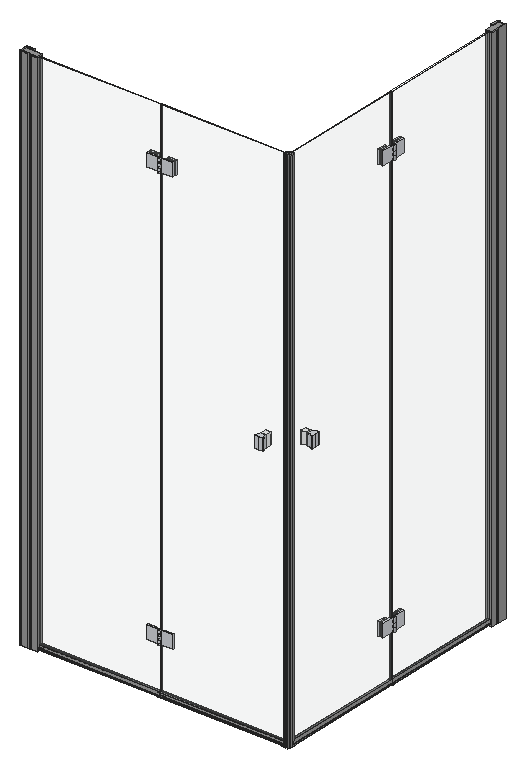
Revit family "Sanitary_Shower-screens_Duscholux_D2Swing_Slider-folding-doors-angle-acces-shower", category Aparatos sanitarios, Revit 2019
Family settings
  Cota de conector redondo = Diámetro de uso
  Tipo de pieza = Normal
  Número OmniClass = 23.45.00.00
  Título OmniClass = Sanitary, Laundry, and Cleaning Equipment
  Se basa en plano de trabajo = No
  Siempre vertical = Sí
  Corte con vacíos al cargar = No
  Compartido = No
  Punto de cálculo de habitación = No
Parameters (values of type "Shiny silver Aluminium Finish")
  Width Lateral Side = 1000 mm
  Width Front Side = 1000 mm
  URL = "http://www.duscholux.es/"
  Thickness Glass = 5 mm  # constant formula
  Technical Inspection Certificate (Applus) = "https://www.duscholux.es/es/Descargas/"
  Series = "D2"
  Ref. = "SXF / SXG"
  Products = "http://www.duscholux.es/mamparas_filtro.aspx?es"
  Opening System Image = "https://duscholux.blob.core.windows.net/pluma512/AD4pReplegable512.gif"
  Opening System = "Bi-fold + Slider"
  Modelo = "D2 Swing"
  Min Max Width Lateral Side = if(Width Lateral Side < 550 mm, 550 mm, if(Width Lateral Side > 1000 mm, 1000 mm, Width Lateral Side))  # 1000 mm
  Min Max Width Front Side = if(Width Front Side < 550 mm, 550 mm, if(Width Front Side > 1000 mm, 1000 mm, Width Front Side))  # 1000 mm
  Max Height = if(Height > 2000 mm, 2000 mm, Height)  # 2000 mm
  Maintenance and Cleaning = "https://www.duscholux.es/es/Cuidado-y-limpieza/"
  Image = "https://www.duscholux.es/medium/D2_SWING_AD_4P_PLEGABLES_PLATA.jpg?m=7409&w=960&h=768&g=0"
  Height = 2000 mm
  Handle Material = Zamac_Duscholux Material-Chrome Finish
  Handle Height = Max Height / 2  # 1000 mm
  Glass in Building UNE EN 12150 = "CE Conformity marking"
  Glass Material = Glass_Material-Duscholux
  Frame Material = Anodized Aluminium_Duscholux Material-Shiny Silver Finish
  Fact Sheet = "https://www.duscholux.es/es/Producto/D2-Swing-RP-Angular-para-ducha-de-4-puertas-plegables"
  Fabricante = "Duscholux Ibérica, S.A."
  Environmental Management ISO 14001 = "ECOEMBES Certificate"
  Descripción = "Folding and slider twin doors"
  Código de montaje = "C1030200"
  Configuration enclosure = "http://configuratumampara.duscholux.es/eCatalogo.aspx"
  Components = "Eropean components"
  Type Comments = ""
  Combinations = ""
  Certified Quality UNE EN 14428 = "http://www.duscholux.es/duscholux_downloads.aspx?es"
  Accesories Material = Plastic_Duscholux Material-Gray Finish
Types (4, lengths in mm): name | Handle Material | Frame Material | Accesories Material
  (no name) | Zamac_Duscholux Material-Chrome Finish | Anodized Aluminium_Duscholux Material-Shiny Silver Finish | Plastic_Duscholux Material-Gray Finish
  Matte Silver Aluminium Finish | Zamac_Duscholux Material-Matte Silver Finish | Anodized Aluminium_Duscholux Material-Matte Silver Finish | Plastic_Duscholux Material-Gray Finish
  Shiny silver Aluminium Finish | Zamac_Duscholux Material-Chrome Finish | Anodized Aluminium_Duscholux Material-Shiny Silver Finish | Plastic_Duscholux Material-Gray Finish
  Black Aluminium Finish | Anodized Aluminium_Duscholux Material-Black Finish | Anodized Aluminium_Duscholux Material-Black Finish | Plastic_Duscholux Material-Black Br. Finish
Reference planes
  plane 1 "Centro (Frontal/Posterior)": y = 0
  plane 2: z = 0
  plane 3 "Centro (Izquierda/Derecha)": x = 0
  plane 4: x = 52.152
  plane 5: z = 2000
  plane 6: z = 0
  plane 7: x = 989.699
  plane 8: y = 20.552
  plane 9: z = 47.999
  plane 10: z = 1996
  plane 11: z = 8.2
  plane 12: z = 1000
  plane 13: x = 1000
  plane 14: x = 520.925
  plane 15: x = 523.079
  plane 16: x = 518.771
  plane 17: z = 1796
  plane 18: z = 208.2
  plane 19: y = 1020.552
  plane 20: y = 968.352
  plane 21: y = 499.602
  plane 22: y = 30.852
  plane 23: y = 497.477
  plane 24: y = 501.727
Forms (mm)
  Extrusion 1, solid, material "Glass_Material-Duscholux" <- "Glass Material"
    sketch origin (52.152, 20.552, 0) x (1, 0, 0) y (0, 1, 0)
      loop
        line (466.583, -2.5) -> (466.583, 2.5) -> (0, 2.5) -> (0, -2.5) -> (466.583, -2.5)
    from 8.2 to 1996
  Extrusion 2, solid, material "Glass_Material-Duscholux" <- "Glass Material"
    sketch origin (520.902, 20.552, 0) x (1, 0, 0) y (0, 1, 0)
      loop
        line (2.137, 2.5) -> (2.137, -2.5) -> (468.797, -2.5) -> (468.797, 2.5) -> (2.137, 2.5)
    from 8.2 to 1996
  Extrusion 3, solid, material "Anodized Aluminium_Duscholux Material-Shiny Silver Finish" <- "Frame Material"
    sketch origin (0, 0, 0) x (1, 0, 0) y (0, 1, 0)
      loop
        line (0, 39.74) -> (0, 31.434) -> (1.8, 31.434) -> (1.8, 9.247) -> (0, 9.247) -> (0, 7.324) -> (30.982, 7.324) -> (31.502, 8.752) -> (3.1, 8.752) -> (3.1, 32.352) -> (31.022, 32.352) -> (31.022, 39.74) -> (0, 39.74)
    from 0 to 2000
  Extrusion 4, solid, material "Anodized Aluminium_Duscholux Material-Shiny Silver Finish" <- "Frame Material"
    sketch origin (0, 0, 0) x (1, 0, 0) y (0, 1, 0)
      loop
        line (5.472, 32.052) -> (5.472, 23.902) -> (20.474, 23.902) -> (20.474, 17.202) -> (5.472, 17.202) -> (5.472, 9.052) -> (35.584, 9.052) -> (35.584, 10.529) -> (36.21, 9.904)
        arc (36.21, 9.904) -> (37.266, 9.623) -> (37.481, 10.695) r 0.75
        arc (37.481, 10.695) -> (34.477, 20.555) -> (37.485, 30.414) r 17.675
        arc (37.485, 30.414) -> (37.268, 31.481) -> (36.214, 31.208) r 0.75
        line (36.214, 31.208) -> (35.584, 30.578) -> (35.584, 32.052) -> (5.472, 32.052)
    from 0 to 1996
  Extrusion 5, solid, material "Anodized Aluminium_Duscholux Material-Shiny Silver Finish" <- "Frame Material"
    sketch origin (52.152, 20.552, 0) x (1, 0, 0) y (0, 1, 0)
      loop
        arc (-11.626, 11.499) -> (-12.99, 11.171) -> (-14.056, 10.258) r 3
        arc (-14.056, 10.258) -> (-17.379, -0.001) -> (-14.056, -10.26) r 17.5
        arc (-14.056, -10.26) -> (-12.99, -11.173) -> (-11.626, -11.501) r 3
        line (-11.626, -11.501) -> (12.121, -11.501) -> (12.121, -3.348) -> (-2.879, -3.348) -> (-2.879, 3.349) -> (12.121, 3.349) -> (12.121, 11.499) -> (-11.626, 11.499)
    from 0 to 1996
  Extrusion 6, solid, material "Anodized Aluminium_Duscholux Material-Shiny Silver Finish" <- "Frame Material"
    sketch origin (0, 0, 0) x (1, 0, 0) y (0, 1, 0)
      loop
        line (64.273, 32.051) -> (5.472, 32.051) -> (5.472, 9.052) -> (64.273, 9.052) -> (64.273, 32.051)
    from 1996 to 2000
  Extrusion 7, solid, material "Plástico, transparente"
    sketch origin (520.902, 20.552, 0) x (1, 0, 0) y (0, 1, 0)
      loop
        line (468.75, 5.6) -> (463.75, 4.596) -> (463.75, 3.079) -> (468.797, 4.092) -> (468.797, -4.092) -> (463.75, -3.079) -> (463.75, -4.596) -> (468.75, -5.6) -> (478.35, -5.6)
        arc (478.35, -5.6) -> (480.75, -3.996) -> (480.187, -1.166) r 2.598
        line (480.187, -1.166) -> (474.886, 4.136)
        arc (474.886, 4.136) -> (473.263, 5.219) -> (471.35, 5.6) r 5
        line (471.35, 5.6) -> (468.75, 5.6)
      loop
        line (470.312, 4.96) -> (470.312, -5.1) -> (478.35, -5.1)
        arc (478.35, -5.1) -> (480.288, -3.805) -> (479.833, -1.519) r 2.098
        line (479.833, -1.519) -> (474.532, 3.782) -> (472.465, 4.96) -> (470.312, 4.96)
    from 0 to 1996
  Extrusion 8, solid, material "Glass_Material-Duscholux" <- "Glass Material"
    sketch origin (1000, 499.602, 0) x (0, 1, 0) y (-1, 0, 0)
      loop
        line (468.75, 2.5) -> (2.125, 2.5) -> (2.125, -2.5) -> (468.75, -2.5) -> (468.75, 2.5)
    from 0 to 1996
  Extrusion 9, solid, material "Glass_Material-Duscholux" <- "Glass Material"
    sketch origin (1000, 499.602, 0) x (0, -1, 0) y (1, 0, 0)
      loop
        line (468.75, 2.5) -> (2.125, 2.5) -> (2.125, -2.5) -> (468.75, -2.5) -> (468.75, 2.5)
    from 0 to 1996
  Extrusion 10, solid, material "Plástico, transparente"
    sketch origin (1000, 499.602, 0) x (0, -1, 0) y (1, 0, 0)
      loop
        line (468.779, 5.523) -> (463.779, 4.519) -> (463.779, 3.002) -> (468.75, 4) -> (468.75, -4.154) -> (463.779, -3.156) -> (463.779, -4.673) -> (468.779, -5.677) -> (471.379, -5.677)
        arc (471.379, -5.677) -> (473.292, -5.296) -> (474.914, -4.212) r 5
        line (474.914, -4.212) -> (480.216, 1.089)
        arc (480.216, 1.089) -> (480.779, 3.92) -> (478.379, 5.523) r 2.598
        line (478.379, 5.523) -> (468.779, 5.523)
      loop
        line (470.341, -5.036) -> (472.587, -5.036) -> (474.561, -3.859) -> (479.862, 1.442)
        arc (479.862, 1.442) -> (480.317, 3.728) -> (478.379, 5.023) r 2.098
        line (478.379, 5.023) -> (470.341, 5.023) -> (470.341, -5.036)
    from 0 to 1996
  Extrusion 11, solid, material "Anodized Aluminium_Duscholux Material-Shiny Silver Finish" <- "Frame Material"
    sketch origin (1000, 499.602, 0) x (0, -1, 0) y (1, 0, 0)
      loop
        line (-520.95, -19.189) -> (-490.479, -19.189) -> (-490.479, -11.8) -> (-518.399, -11.8) -> (-518.399, 11.8) -> (-490.124, 11.8) -> (-490.478, 13.118) -> (-520.95, 13.118) -> (-520.95, 11.305) -> (-519.699, 11.305) -> (-519.699, -10.882) -> (-520.95, -10.882) -> (-520.95, -19.189)
    from 0 to 2000
  Extrusion 12, solid, material "Anodized Aluminium_Duscholux Material-Shiny Silver Finish" <- "Frame Material"
    sketch origin (1000, 499.602, 0) x (0, -1, 0) y (1, 0, 0)
      loop
        line (-515.427, -3.35) -> (-515.427, -11.5) -> (-485.317, -11.5) -> (-485.317, -9.988) -> (-484.723, -10.582)
        arc (-484.723, -10.582) -> (-483.669, -10.95) -> (-483.417, -9.863) r 0.75
        arc (-483.417, -9.863) -> (-486.425, -0.004) -> (-483.421, 9.857) r 17.675
        arc (-483.421, 9.857) -> (-483.667, 10.948) -> (-484.724, 10.58) r 0.75
        line (-484.724, 10.58) -> (-485.317, 9.987) -> (-485.317, 11.5) -> (-515.427, 11.5) -> (-515.427, 3.35) -> (-500.427, 3.35) -> (-500.427, -3.35) -> (-515.427, -3.35)
    from 0 to 1996
  Extrusion 13, solid, material "Anodized Aluminium_Duscholux Material-Shiny Silver Finish" <- "Frame Material"
    sketch origin (1000, 499.602, 0) x (0, 1, 0) y (-1, 0, 0)
      loop
        arc (482.806, -10.26) -> (486.128, -0.001) -> (482.806, 10.258) r 17.5
        arc (482.806, 10.258) -> (481.74, 11.171) -> (480.376, 11.499) r 3
        line (480.376, 11.499) -> (456.628, 11.499) -> (456.628, 3.349) -> (471.628, 3.349) -> (471.605, -3.348) -> (456.628, -3.348) -> (456.628, -11.501) -> (480.376, -11.501)
        arc (480.376, -11.501) -> (481.74, -11.173) -> (482.806, -10.26) r 3
    from 0 to 1996
  Extrusion 14, solid, material "Anodized Aluminium_Duscholux Material-Shiny Silver Finish" <- "Frame Material"
    sketch origin (0, 0, 0) x (1, 0, 0) y (0, 1, 0)
      loop
        line (988.5, 1015.029) -> (988.5, 956.23) -> (1011.501, 956.23) -> (1011.501, 1015.029) -> (988.5, 1015.029)
    from 1996 to 2000
Lines and regions (mm)
  reference lines
    curve 1: line (52.152, 20.552, 0) -> (520.902, 20.552, 0)
    curve 2: line (520.902, 20.552, 0) -> (989.652, 20.552, 0)
    curve 3: line (1000, 499.602, 0) -> (1000, 968.352, 0)
    curve 4: line (1000, 499.602, 0) -> (1000, 30.852, 0)
Dimensions and locks
  "Max Height": plane 5 to level
  locked: plane 3 "Centro (Izquierda/Derecha)" to plane 4 at 52.15
  locked: plane 8 to plane 1 "Centro (Frontal/Posterior)" at 20.552
  locked: plane 5 to plane 10 at 4
  "Handle Height": plane 12 to plane 6
  "Min Max Width Front Side": plane 3 "Centro (Izquierda/Derecha)" to plane 13
  equal spacing: plane 4, plane 14, plane 7
  locked: plane 14 to plane 15 at 2.154
  equal spacing: plane 16, plane 14, plane 15
  locked: plane 18 to plane 11 at 200
  locked: plane 10 to plane 17 at 200
  locked: Extrusion 2 to nested 3 at 30.498
  locked: nested 4 to Extrusion 1 at 30.498
  locked: nested 1 to Extrusion 1 at 30.498
  locked: Extrusion 2 to nested 2 at 30.498
  locked: Extrusion 2 to nested 6 at 30.498
  locked: Extrusion 1 to nested 5 at 30.498
  locked: plane 7 to plane 13 at 10.301
  locked: nested 7 to plane 7 at 85
  locked: nested 8 to plane 7 at 85
  "Min Max Width Lateral Side": plane 19 to plane 8
  locked: plane 19 to plane 20 at 52.2
  locked: plane 22 to plane 8 at 10.3
  equal spacing: plane 23, plane 21, plane 24
  locked: plane 21 to plane 24 at 2.125
  locked: plane 19 to Extrusion 12 at 5.523
  Extrusion 14 to plane 19 = 5.523 mm
  plane 1 "Centro (Frontal/Posterior)" to Extrusion 10 = 35.823 mm
  equal spacing: plane 20, plane 21, plane 22
  plane 23 to nested 12 = 30.525 mm
  locked: nested 11 to plane 24 at 30.525
  locked: plane 24 to nested 13 at 30.525
  locked: plane 23 to nested 14 at 30.525
  locked: nested 17 to plane 24 at 30.525
  locked: plane 23 to nested 18 at 30.525
  locked: Extrusion 9 to nested 19 at 85
  locked: nested 20 to Extrusion 9 at 85
  aligned and locked: level to plane 2
  aligned and locked: plane 8 to curve 1
  aligned and locked: plane 4 to curve 1
  aligned and locked: plane 10 to Extrusion 1
  aligned and locked: plane 10 to Extrusion 2
  aligned and locked: Extrusion 2 to plane 11
  aligned and locked: Extrusion 1 to plane 11
  aligned and locked: nested 1 to plane 17
  aligned and locked: nested 2 to plane 17
  aligned and locked: plane 14 to nested 1
  aligned and locked: plane 14 to nested 2
  aligned and locked: plane 5 to Extrusion 3
  aligned and locked: plane 10 to Extrusion 4
  aligned and locked: plane 10 to Extrusion 5
  aligned and locked: plane 5 to Extrusion 6
  aligned and locked: Extrusion 6 to plane 10
  aligned and locked: plane 4 to Extrusion 1
  aligned and locked: plane 17 to nested 3
  aligned and locked: nested 4 to plane 17
  aligned and locked: nested 6 to plane 18
  aligned and locked: nested 5 to plane 18
  aligned and locked: plane 12 to nested 7
  aligned and locked: plane 12 to nested 8
  aligned and locked: nested 9 to Extrusion 2
  aligned and locked: nested 10 to Extrusion 1
  aligned and locked: Extrusion 6 to nested 10
  aligned and locked: plane 7 to Extrusion 2
  aligned and locked: nested 9 to Extrusion 7
  aligned and locked: plane 10 to Extrusion 7
  aligned and locked: plane 20 to curve 3
  aligned and locked: plane 13 to curve 3
  aligned and locked: plane 23 to Extrusion 9
  aligned and locked: plane 24 to Extrusion 8
  aligned and locked: plane 19 to Extrusion 11  (x2)
  aligned and locked: plane 5 to Extrusion 11
  aligned and locked: plane 10 to Extrusion 12
  aligned and locked: plane 10 to Extrusion 13
  aligned and locked: Extrusion 14 to plane 10
  aligned and locked: plane 5 to Extrusion 14
  aligned and locked: plane 10 to Extrusion 9
  aligned and locked: plane 10 to Extrusion 8
  aligned and locked: plane 10 to Extrusion 10
  aligned and locked: nested 11 to plane 21
  aligned and locked: nested 12 to plane 21
  aligned and locked: plane 17 to nested 12
  aligned and locked: plane 17 to nested 11
  aligned and locked: plane 17 to nested 13
  aligned and locked: nested 14 to plane 17
  aligned and locked: nested 15 to plane 21
  aligned and locked: nested 16 to plane 21
  aligned and locked: plane 18 to nested 15
  aligned and locked: plane 18 to nested 16
  aligned and locked: nested 18 to plane 18
  aligned and locked: plane 18 to nested 17
  aligned and locked: plane 12 to nested 19
  aligned and locked: plane 12 to nested 20
  aligned and locked: nested 21 to curve 4
  aligned and locked: nested 21 to Extrusion 10
  aligned and locked: plane 23 to nested 21
  aligned and locked: nested 22 to Extrusion 14
  aligned and locked: nested 22 to plane 24
  aligned and locked: curve 3 to nested 22
Automatic sketch dimensions
  curve 1 to Extrusion 1 sketch curve = 0 mm
  Extrusion 1 sketch curve to curve 1 = 2.5 mm
  Extrusion 1 sketch curve to curve 1 = 2.167 mm
  curve 1 to Extrusion 1 sketch curve = 2.5 mm
  curve 2 to Extrusion 2 sketch curve = 2.5 mm
  curve 2 to Extrusion 2 sketch curve = 2.137 mm
  curve 2 to Extrusion 2 sketch curve = 0.047 mm
  Extrusion 2 sketch curve to curve 2 = 2.5 mm
  Extrusion 3 sketch curve to plane 3 "Centro (Izquierda/Derecha)" = 0 mm  (x2)
  plane 3 "Centro (Izquierda/Derecha)" to Extrusion 3 sketch curve = 1.8 mm
  Extrusion 3 sketch curve to Extrusion 3 sketch curve = 1.3 mm
  Extrusion 3 sketch curve to plane 1 "Centro (Frontal/Posterior)" = 7.324 mm
  plane 4 to Extrusion 3 sketch curve = 21.17 mm
  plane 4 to Extrusion 3 sketch curve = 21.13 mm
  Extrusion 3 sketch curve to Extrusion 3 sketch curve = 0.52 mm
  Extrusion 3 sketch curve to Extrusion 3 sketch curve = 1.428 mm
  Extrusion 3 sketch curve to Extrusion 3 sketch curve = 1.923 mm
  plane 8 to Extrusion 3 sketch curve = 10.882 mm
  Extrusion 3 sketch curve to Extrusion 3 sketch curve = 0.919 mm
  Extrusion 3 sketch curve to Extrusion 3 sketch curve = 7.388 mm
  Extrusion 4 sketch curve to plane 4 = 0 mm
  Extrusion 4 sketch curve to plane 8 = 0 mm
  plane 8 to Extrusion 4 sketch curve = 10.293 mm
  plane 4 to Extrusion 4 sketch curve = 15.281 mm
  plane 4 to Extrusion 4 sketch curve = 15.282 mm
  Extrusion 4 sketch curve to Extrusion 4 sketch curve = 0.657 mm
  Extrusion 4 sketch curve to Extrusion 4 sketch curve = 0.63 mm
  Extrusion 4 sketch curve to Extrusion 4 sketch curve = 1.285 mm
  plane 8 to Extrusion 4 sketch curve = 3.35 mm
  Extrusion 4 sketch curve to Extrusion 4 sketch curve = 15.11 mm
  plane 3 "Centro (Izquierda/Derecha)" to Extrusion 4 sketch curve = 5.472 mm  (x2)
  Extrusion 4 sketch curve to plane 8 = 3.35 mm
  Extrusion 4 sketch curve to plane 1 "Centro (Frontal/Posterior)" = 10.26 mm
  Extrusion 4 sketch curve to Extrusion 4 sketch curve = 1.208 mm
  Extrusion 4 sketch curve to Extrusion 4 sketch curve = 0.267 mm
  Extrusion 4 sketch curve to Extrusion 4 sketch curve = 0.363 mm
  Extrusion 4 sketch curve to Extrusion 4 sketch curve = 8.15 mm
  Extrusion 4 sketch curve to Extrusion 4 sketch curve = 0.614 mm
  Extrusion 4 sketch curve to Extrusion 4 sketch curve = 0.611 mm
  Extrusion 4 sketch curve to Extrusion 4 sketch curve = 0.66 mm
  Extrusion 4 sketch curve to Extrusion 4 sketch curve = 0.625 mm
  Extrusion 5 sketch curve to curve 1 = 2.879 mm
  curve 1 to Extrusion 5 sketch curve = 12.121 mm
  curve 1 to Extrusion 5 sketch curve = 3.348 mm
  Extrusion 5 sketch curve to Extrusion 5 sketch curve = 0 mm  (x2)
  curve 1 to Extrusion 5 sketch curve = 3.349 mm
  Extrusion 5 sketch curve to Extrusion 5 sketch curve = 8.15 mm
  Extrusion 5 sketch curve to curve 1 = 11.626 mm  (x2)
  curve 1 to Extrusion 5 sketch curve = 11.501 mm
  Extrusion 5 sketch curve to Extrusion 5 sketch curve = 3 mm
  Extrusion 5 sketch curve to Extrusion 5 sketch curve = 2.43 mm  (x2)
  curve 1 to Extrusion 5 sketch curve = 0.001 mm
  plane 3 "Centro (Izquierda/Derecha)" to Extrusion 6 sketch curve = 5.472 mm
  Extrusion 6 sketch curve to plane 4 = 12.121 mm
  Extrusion 6 sketch curve to plane 1 "Centro (Frontal/Posterior)" = 9.052 mm
  plane 8 to Extrusion 6 sketch curve = 11.499 mm
  Extrusion 7 sketch curve to Extrusion 7 sketch curve = 0 mm  (x2)
  Extrusion 7 sketch curve to curve 2 = 0 mm  (x2)
  Extrusion 7 sketch curve to curve 2 = 5.6 mm
  curve 2 to Extrusion 7 sketch curve = 5.6 mm
  Extrusion 7 sketch curve to curve 2 = 5 mm  (x2)
  curve 2 to Extrusion 7 sketch curve = 0.047 mm
  curve 2 to Extrusion 7 sketch curve = 1.562 mm
  Extrusion 7 sketch curve to curve 2 = 0.6 mm
  curve 2 to Extrusion 7 sketch curve = 2.6 mm
  Extrusion 7 sketch curve to curve 2 = 4.136 mm
  curve 2 to Extrusion 7 sketch curve = 3.002 mm
  Extrusion 7 sketch curve to Extrusion 7 sketch curve = 7 mm
  curve 2 to Extrusion 7 sketch curve = 1.519 mm
  Extrusion 7 sketch curve to Extrusion 7 sketch curve = 1.483 mm
  curve 2 to Extrusion 7 sketch curve = 1.166 mm
  curve 2 to Extrusion 7 sketch curve = 4.596 mm
  Extrusion 7 sketch curve to curve 2 = 4.092 mm
  Extrusion 7 sketch curve to Extrusion 7 sketch curve = 1.517 mm  (x2)
  Extrusion 7 sketch curve to curve 2 = 3.079 mm
  curve 2 to Extrusion 7 sketch curve = 4.092 mm
  Extrusion 7 sketch curve to Extrusion 7 sketch curve = 0.64 mm
  Extrusion 7 sketch curve to Extrusion 7 sketch curve = 1.115 mm
  Extrusion 7 sketch curve to Extrusion 7 sketch curve = 0.354 mm  (x2)
  curve 2 to plane 7 = 0.047 mm
  curve 2 to plane 14 = 0.023 mm
  Extrusion 8 sketch curve to curve 3 = 0 mm
  Extrusion 8 sketch curve to curve 3 = 2.5 mm
  curve 3 to Extrusion 8 sketch curve = 2.5 mm
  curve 3 to Extrusion 8 sketch curve = 2.125 mm
  curve 4 to Extrusion 9 sketch curve = 0 mm
  Extrusion 9 sketch curve to curve 4 = 2.5 mm
  curve 4 to Extrusion 9 sketch curve = 2.5 mm
  curve 4 to Extrusion 9 sketch curve = 2.125 mm
  curve 4 to curve 2 = 10.3 mm
  curve 2 to curve 4 = 479.05 mm
  Extrusion 10 sketch curve to Extrusion 10 sketch curve = 0 mm  (x2)
  Extrusion 10 sketch curve to curve 4 = 0 mm
  Extrusion 10 sketch curve to curve 4 = 4.154 mm
  curve 4 to Extrusion 10 sketch curve = 4 mm
  Extrusion 10 sketch curve to curve 4 = 4.971 mm  (x2)
  curve 4 to Extrusion 10 sketch curve = 0.029 mm  (x2)
  curve 4 to Extrusion 10 sketch curve = 1.591 mm
  Extrusion 10 sketch curve to Extrusion 10 sketch curve = 1.038 mm
  Extrusion 10 sketch curve to Extrusion 10 sketch curve = 1.208 mm
  Extrusion 10 sketch curve to Extrusion 10 sketch curve = 1.974 mm
  curve 4 to Extrusion 10 sketch curve = 4.212 mm
  Extrusion 10 sketch curve to Extrusion 10 sketch curve = 0.354 mm  (x3)
  Extrusion 10 sketch curve to Extrusion 10 sketch curve = 8.038 mm
  Extrusion 10 sketch curve to curve 4 = 1.442 mm
  Extrusion 10 sketch curve to Extrusion 10 sketch curve = 1.483 mm  (x2)
  Extrusion 10 sketch curve to curve 4 = 1.089 mm
  curve 4 to Extrusion 10 sketch curve = 4.673 mm
  Extrusion 10 sketch curve to Extrusion 10 sketch curve = 0.824 mm
  Extrusion 10 sketch curve to curve 4 = 5.677 mm
  Extrusion 10 sketch curve to Extrusion 10 sketch curve = 1.517 mm  (x2)
  Extrusion 10 sketch curve to curve 4 = 4.519 mm
  curve 4 to Extrusion 11 sketch curve = 10.882 mm
  Extrusion 11 sketch curve to curve 4 = 520.95 mm
  Extrusion 11 sketch curve to Extrusion 11 sketch curve = 0 mm
  Extrusion 11 sketch curve to Extrusion 11 sketch curve = 1.251 mm
  Extrusion 11 sketch curve to Extrusion 11 sketch curve = 1.3 mm
  curve 4 to Extrusion 11 sketch curve = 11.8 mm
  Extrusion 11 sketch curve to Extrusion 11 sketch curve = 27.92 mm
  Extrusion 11 sketch curve to Extrusion 11 sketch curve = 0.002 mm
  Extrusion 11 sketch curve to curve 4 = 11.8 mm
  Extrusion 11 sketch curve to Extrusion 11 sketch curve = 0.353 mm
  Extrusion 11 sketch curve to Extrusion 11 sketch curve = 0.495 mm
  Extrusion 11 sketch curve to Extrusion 11 sketch curve = 1.814 mm
  Extrusion 11 sketch curve to Extrusion 11 sketch curve = 7.388 mm
  Extrusion 12 sketch curve to curve 4 = 0 mm
  Extrusion 12 sketch curve to curve 4 = 11.5 mm
  Extrusion 12 sketch curve to curve 4 = 515.427 mm
  Extrusion 12 sketch curve to curve 4 = 3.35 mm
  Extrusion 12 sketch curve to Extrusion 12 sketch curve = 15 mm
  Extrusion 12 sketch curve to curve 4 = 9.987 mm
  Extrusion 12 sketch curve to Extrusion 12 sketch curve = 15.11 mm  (x2)
  curve 4 to Extrusion 12 sketch curve = 9.988 mm
  Extrusion 12 sketch curve to curve 4 = 10.58 mm
  Extrusion 12 sketch curve to Extrusion 12 sketch curve = 0.593 mm
  curve 4 to Extrusion 12 sketch curve = 10.582 mm
  Extrusion 12 sketch curve to Extrusion 12 sketch curve = 0.594 mm
  Extrusion 12 sketch curve to Extrusion 12 sketch curve = 0.692 mm  (x2)
  Extrusion 12 sketch curve to Extrusion 12 sketch curve = 15.282 mm
  Extrusion 12 sketch curve to Extrusion 12 sketch curve = 0.918 mm
  Extrusion 12 sketch curve to Extrusion 12 sketch curve = 0.289 mm
  curve 4 to Extrusion 12 sketch curve = 3.35 mm
  Extrusion 12 sketch curve to Extrusion 12 sketch curve = 0.288 mm
  Extrusion 12 sketch curve to Extrusion 12 sketch curve = 0 mm
  Extrusion 12 sketch curve to Extrusion 12 sketch curve = 0.611 mm
  curve 3 to Extrusion 13 sketch curve = 0.001 mm
  Extrusion 13 sketch curve to curve 3 = 0.122 mm
  curve 3 to Extrusion 13 sketch curve = 11.626 mm
  Extrusion 13 sketch curve to curve 3 = 8.499 mm
  Extrusion 13 sketch curve to Extrusion 13 sketch curve = 2.43 mm  (x2)
  Extrusion 13 sketch curve to Extrusion 13 sketch curve = 0 mm  (x3)
  curve 3 to Extrusion 13 sketch curve = 10.26 mm
  Extrusion 13 sketch curve to curve 3 = 12.122 mm
  curve 3 to Extrusion 13 sketch curve = 3.348 mm
  curve 3 to Extrusion 13 sketch curve = 2.855 mm
  curve 3 to Extrusion 13 sketch curve = 2.878 mm
  curve 3 to Extrusion 13 sketch curve = 3.349 mm
  Extrusion 14 sketch curve to plane 7 = 1.199 mm
  plane 13 to Extrusion 14 sketch curve = 11.501 mm
  Extrusion 14 sketch curve to plane 20 = 12.122 mm
  Extrusion 14 sketch curve to plane 19 = 5.523 mm
Nested families
  nested 1: "Hinge-left" at (520.887, 18.052, 1796) x (1, 0, 0) z (0, -1, 0), type "Hinge-left"
  nested 2: "Hinge_rigth" at (520.887, 18.052, 1796) x (1, 0, 0) z (0, -1, 0), type "Hinge_rigth"
  nested 3: "Hinge_int" at (520.887, 23.052, 1796) x (1, 0, 0) z (0, 1, 0), type "Hinge_int"
  nested 4: "Hinge_int" at (520.887, 23.052, 1796) x (-1, 0, 0) z (0, 1, 0), type "Hinge_int"
  nested 5: "Hinge-left" at (520.887, 18.052, 208.2) x (1, 0, 0) z (0, -1, 0), type "Hinge-left"
  nested 6: "Hinge_rigth" at (520.887, 18.052, 208.2) x (1, 0, 0) z (0, -1, 0), type "Hinge_rigth"
  nested 7: "Handle-ext-SWING" at (904.699, 18.052, 1000) x (-1, 0, 0) z (0, -1, 0), type "Handle-ext-SWING"
  nested 8: "Handle-int-SWING" at (904.699, 23.052, 1000) x (1, 0, 0) z (0, 1, 0), type "Handle-int-SWING"
  nested 9: "Lower-Guide" at (523.039, 20.552, 8.203), type "Lower-Guide"
    with built-in parameter 1001306 1.5145 (stored number, unit not read)
  nested 10: "Lower-Guide" at (518.735, 20.552, 8.203) x (-1, 0, 0) z (0, 0, 1), type "Lower-Guide"
    with built-in parameter 1001306 1.491 (stored number, unit not read)
  nested 11: "Hinge-left" at (1002.5, 499.602, 1796) x (0, -1, 0) z (1, 0, 0), type "Hinge-left"
  nested 12: "Hinge_rigth" at (1002.5, 499.602, 1796) x (0, -1, 0) z (1, 0, 0), type "Hinge_rigth"
  nested 13: "Hinge_int" at (997.5, 499.602, 1796) x (0, 1, 0) z (-1, 0, 0), type "Hinge_int"
  nested 14: "Hinge_int" at (997.5, 499.602, 1796) x (0, -1, 0) z (-1, 0, 0), type "Hinge_int"
  nested 15: "Hinge-left" at (1002.5, 499.602, 208.2) x (0, -1, 0) z (1, 0, 0), type "Hinge-left"
  nested 16: "Hinge_rigth" at (1002.5, 499.602, 208.2) x (0, -1, 0) z (1, 0, 0), type "Hinge_rigth"
  nested 17: "Hinge_int" at (997.5, 499.602, 208.2) x (0, 1, 0) z (-1, 0, 0), type "Hinge_int"
  nested 18: "Hinge_int" at (997.5, 499.602, 208.2) x (0, -1, 0) z (-1, 0, 0), type "Hinge_int"
  nested 19: "Handle-ext-SWING" at (1002.5, 115.852, 1000) x (0, -1, 0) z (1, 0, 0), type "Handle-ext-SWING"
  nested 20: "Handle-int-SWING" at (997.5, 115.852, 1000) x (0, 1, 0) z (-1, 0, 0), type "Handle-int-SWING"
  nested 21: "Lower-Guide" at (1000, 35.823, 8.203) x (0, 1, 0) z (0, 0, 1), type "Lower-Guide"
    with built-in parameter 1001306 1.5146 (stored number, unit not read)
  nested 22: "Lower-Guide" at (1000, 501.727, 8.203) x (0, 1, 0) z (0, 0, 1), type "Lower-Guide"
    with built-in parameter 1001306 1.4912 (stored number, unit not read)
Definition of nested family "Hinge-left"
  Parameters (values of type "Hinge-left")
    Handle Material = none
    Default Elevation = 1219.2 mm
  Reference planes
    plane 1 "Centro (Frontal/Posterior)": y = 0
    plane 2: z = 0
    plane 3 "Centro (Izquierda/Derecha)": x = 0
    plane 4: y = 24
    plane 5: y = -24
    plane 6: y = 8
    plane 7: y = -8
    plane 8: x = -32.65
  Forms (mm)
    Extrusion 1, solid
      sketch origin (0, 0, 0) x (1, 0, 0) y (0, 1, 0)
        loop
          line (-1219.2, 1219.2) -> (-1219.2, -1219.2) -> (1219.2, -1219.2) -> (1219.2, 1219.2) -> (-1219.2, 1219.2)
      from 0 to -304.8
    Extrusion 2, solid
      sketch origin (0, 0, 0) x (1, 0, 0) y (0, 0, 1)
        loop
          line (-45.65, 0) -> (-19.65, 0) -> (-19.65, 1.5) -> (-13.95, 1.5) -> (-12.95, 2.5) -> (0, 2.5)
          arc (0, 2.5) -> (3.445, 10.763) -> (-4.85, 7.395) r 4.85
          arc (-4.85, 7.395) -> (-4.998, 7.045) -> (-5.35, 6.9) r 0.5
          line (-5.35, 6.9) -> (-49.15, 6.9) -> (-49.15, 1.5) -> (-45.65, 1.5) -> (-45.65, 0)
        loop
          circle (0, 7.35) r 2
      from -24 to 24
    Extrusion 3, void
      sketch origin (0, 0, 0) x (1, 0, 0) y (0, 0, 1)
        loop
          circle (0, 7.35) r 4.85
        loop
          circle (0, 7.35) r 2
      from -24 to -8
    Extrusion 4, void
      sketch origin (0, 0, 0) x (1, 0, 0) y (0, 0, 1)
        loop
          circle (0, 7.35) r 4.85
        loop
          circle (0, 7.35) r 2
      from 8 to 24
  Cuts and joins
    Extrusion 3, Extrusion 4 cuts Extrusion 2
  Dimensions and locks
    equal spacing: plane 4, plane 1 "Centro (Frontal/Posterior)", plane 5, locked at 24 each
    equal spacing: plane 4, plane 6, plane 7, plane 5
    locked: plane 8 to plane 3 "Centro (Izquierda/Derecha)" at 32.65
    aligned and locked: plane 2 to Extrusion 1
    aligned and locked: level to Extrusion 1
    aligned and locked: plane 4 to Extrusion 2
    aligned and locked: Extrusion 2 to plane 5
    aligned and locked: Extrusion 3 to Extrusion 2
    aligned and locked: Extrusion 3 to plane 6
    aligned and locked: Extrusion 2 to Extrusion 4
    aligned and locked: plane 7 to Extrusion 4
  Automatic sketch dimensions
    Extrusion 1 sketch curve to Extrusion 1 sketch curve = 2438.4 mm  (x2)
    Extrusion 2 sketch curve to Extrusion 2 sketch curve = 0 mm  (x3)
    Extrusion 2 sketch curve to level = 0 mm
    Extrusion 2 sketch curve to plane 3 "Centro (Izquierda/Derecha)" = 0 mm
    Extrusion 2 sketch curve to plane 3 "Centro (Izquierda/Derecha)" = 5.35 mm
    level to Extrusion 2 sketch curve = 2.5 mm
    Extrusion 2 sketch curve to Extrusion 2 sketch curve = 7.6 mm
    level to Extrusion 2 sketch curve = 1.5 mm  (x2)
    Extrusion 2 sketch curve to Extrusion 2 sketch curve = 1 mm
    Extrusion 2 sketch curve to Extrusion 2 sketch curve = 5.7 mm
    Extrusion 2 sketch curve to Extrusion 2 sketch curve = 26 mm
    Extrusion 2 sketch curve to Extrusion 2 sketch curve = 3.5 mm
    Extrusion 2 sketch curve to Extrusion 2 sketch curve = 0.5 mm
    Extrusion 3 sketch curve to Extrusion 3 sketch curve = 0 mm  (x3)
    Extrusion 3 sketch curve to plane 3 "Centro (Izquierda/Derecha)" = 0 mm
    Extrusion 4 sketch curve to Extrusion 4 sketch curve = 0 mm  (x3)
    Extrusion 4 sketch curve to plane 3 "Centro (Izquierda/Derecha)" = 0 mm
    Extrusion 2 sketch curve to Extrusion 2 sketch curve = 5.4 mm
    Extrusion 2 sketch curve to Extrusion 2 sketch curve = 4.85 mm
    level to Extrusion 3 sketch curve = 7.35 mm
    level to Extrusion 4 sketch curve = 7.35 mm
    radius of Extrusion 2 sketch curve = 2 mm
    radius of Extrusion 3 sketch curve = 4.85 mm
    radius of Extrusion 3 sketch curve = 2 mm
    radius of Extrusion 4 sketch curve = 4.85 mm
    radius of Extrusion 4 sketch curve = 2 mm
Definition of nested family "Hinge_rigth"
  Parameters (values of type "Hinge_rigth")
    Handle Material = none
    Default Elevation = 1219.2 mm
  Reference planes
    plane 1 "Centro (Frontal/Posterior)": y = 0
    plane 2: z = 0
    plane 3 "Centro (Izquierda/Derecha)": x = 0
    plane 4: y = 24
    plane 5: y = -24
    plane 6: y = 8
    plane 7: y = -8
    plane 8: x = 32.65
  Forms (mm)
    Extrusion 1, solid
      sketch origin (0, 0, 0) x (1, 0, 0) y (0, 1, 0)
        loop
          line (-1219.2, 1219.2) -> (-1219.2, -1219.2) -> (1219.2, -1219.2) -> (1219.2, 1219.2) -> (-1219.2, 1219.2)
      from 0 to -304.8
    Extrusion 2, solid
      sketch origin (0, 0, 0) x (1, 0, 0) y (0, 0, 1)
        loop
          arc (5.35, 6.9) -> (4.998, 7.045) -> (4.85, 7.395) r 0.5
          arc (4.85, 7.395) -> (-3.445, 10.763) -> (0, 2.5) r 4.85
          line (0, 2.5) -> (12.95, 2.5) -> (13.95, 1.5) -> (19.65, 1.5) -> (19.65, 0) -> (45.65, 0) -> (45.65, 1.5) -> (49.15, 1.5) -> (49.15, 6.9) -> (5.35, 6.9)
        loop
          circle (0, 7.35) r 2
      from -24 to 24
    Extrusion 3, void
      sketch origin (0, 0, 0) x (1, 0, 0) y (0, 0, 1)
        loop
          circle (0, 7.35) r 4.85
        loop
          circle (0, 7.35) r 2
      from -8 to 8
  Cuts and joins
    Extrusion 3 cuts Extrusion 2
  Dimensions and locks
    equal spacing: plane 4, plane 1 "Centro (Frontal/Posterior)", plane 5, locked at 24 each
    equal spacing: plane 4, plane 6, plane 7, plane 5
    locked: plane 3 "Centro (Izquierda/Derecha)" to plane 8 at 32.65
    aligned and locked: plane 2 to Extrusion 1
    aligned and locked: level to Extrusion 1
    aligned and locked: plane 4 to Extrusion 2
    aligned and locked: Extrusion 2 to plane 5
    aligned and locked: plane 6 to Extrusion 3
    aligned and locked: Extrusion 3 to plane 7
  Automatic sketch dimensions
    Extrusion 1 sketch curve to Extrusion 1 sketch curve = 2438.4 mm  (x2)
    Extrusion 2 sketch curve to Extrusion 2 sketch curve = 0 mm  (x2)
    Extrusion 2 sketch curve to plane 3 "Centro (Izquierda/Derecha)" = 0 mm
    Extrusion 2 sketch curve to level = 0 mm
    plane 3 "Centro (Izquierda/Derecha)" to Extrusion 2 sketch curve = 5.35 mm
    level to Extrusion 2 sketch curve = 2.5 mm
    Extrusion 2 sketch curve to Extrusion 2 sketch curve = 7.6 mm
    Extrusion 2 sketch curve to Extrusion 2 sketch curve = 1 mm
    level to Extrusion 2 sketch curve = 1.5 mm  (x2)
    Extrusion 2 sketch curve to Extrusion 2 sketch curve = 5.7 mm
    Extrusion 2 sketch curve to Extrusion 2 sketch curve = 26 mm
    Extrusion 2 sketch curve to Extrusion 2 sketch curve = 3.5 mm
    Extrusion 2 sketch curve to Extrusion 2 sketch curve = 5.4 mm
    Extrusion 2 sketch curve to Extrusion 2 sketch curve = 4.85 mm
    Extrusion 2 sketch curve to Extrusion 2 sketch curve = 0.5 mm
    Extrusion 3 sketch curve to Extrusion 3 sketch curve = 0 mm  (x2)
    Extrusion 3 sketch curve to plane 3 "Centro (Izquierda/Derecha)" = 0 mm
    level to Extrusion 3 sketch curve = 7.35 mm
    radius of Extrusion 2 sketch curve = 2 mm
    radius of Extrusion 3 sketch curve = 4.85 mm
    radius of Extrusion 3 sketch curve = 2 mm
Definition of nested family "Hinge_int"
  Parameters (values of type "Hinge_int")
    Handle Material = none
    Default Elevation = 1219.2 mm
  Reference planes
    plane 1 "Centro (Frontal/Posterior)": y = 0
    plane 2: z = 0
    plane 3 "Centro (Izquierda/Derecha)": x = 0
    plane 4: y = 24
    plane 5: y = -24
    plane 6: y = 8
    plane 7: y = -8
    plane 8: x = 32.65
  Forms (mm)
    Extrusion 1, solid
      sketch origin (0, 0, 0) x (1, 0, 0) y (0, 1, 0)
        loop
          line (-1219.2, 1219.2) -> (-1219.2, -1219.2) -> (1219.2, -1219.2) -> (1219.2, 1219.2) -> (-1219.2, 1219.2)
      from 0 to -304.8
    Extrusion 2, solid
      sketch origin (0, 0, 0) x (1, 0, 0) y (0, 0, 1)
        loop
          line (34.15, 0) -> (34.15, 1) -> (45.65, 1) -> (45.65, 2.4) -> (49.15, 2.4) -> (49.15, 8) -> (19.65, 8) -> (18.65, 7) -> (18.65, 2.4) -> (19.65, 2.4) -> (19.65, 1) -> (28.15, 1) -> (28.15, 0) -> (34.15, 0)
      from -24 to 24
  Dimensions and locks
    equal spacing: plane 4, plane 1 "Centro (Frontal/Posterior)", plane 5, locked at 24 each
    equal spacing: plane 4, plane 6, plane 7, plane 5
    locked: plane 8 to plane 3 "Centro (Izquierda/Derecha)" at 32.65
    aligned and locked: plane 2 to Extrusion 1
    aligned and locked: level to Extrusion 1
    aligned and locked: plane 4 to Extrusion 2
    aligned and locked: Extrusion 2 to plane 5
  Automatic sketch dimensions
    Extrusion 1 sketch curve to Extrusion 1 sketch curve = 2438.4 mm  (x2)
    Extrusion 2 sketch curve to level = 0 mm
    level to Extrusion 2 sketch curve = 2.4 mm  (x2)
    plane 3 "Centro (Izquierda/Derecha)" to Extrusion 2 sketch curve = 19.65 mm
    level to Extrusion 2 sketch curve = 8 mm
    Extrusion 2 sketch curve to Extrusion 2 sketch curve = 0 mm
    level to Extrusion 2 sketch curve = 1 mm  (x2)
    Extrusion 2 sketch curve to Extrusion 2 sketch curve = 8.5 mm
    Extrusion 2 sketch curve to Extrusion 2 sketch curve = 6 mm
    Extrusion 2 sketch curve to Extrusion 2 sketch curve = 11.5 mm
    Extrusion 2 sketch curve to Extrusion 2 sketch curve = 3.5 mm
    level to Extrusion 2 sketch curve = 7 mm
    Extrusion 2 sketch curve to Extrusion 2 sketch curve = 1 mm
Definition of nested family "Handle-ext-SWING"
  Parameters (values of type "Handle-ext-SWING")
    Long. tirador = 43.6 mm
    Handle Material = none
    Default Elevation = 1219.2 mm
  Reference planes
    plane 1 "Centro (Frontal/Posterior)": y = 0
    plane 2: z = 0
    plane 3 "Centro (Izquierda/Derecha)": x = 0
    plane 4: y = 21.8
    plane 5: y = -21.8
    plane 6: x = -9.5
    plane 7: x = 9.5
    plane 8: z = 0
    plane 9: z = 19.911
  Forms (mm)
    Extrusion 1, solid
      sketch origin (0, 0, 0) x (1, 0, 0) y (0, 1, 0)
        loop
          line (-1219.2, 1219.2) -> (-1219.2, -1219.2) -> (1219.2, -1219.2) -> (1219.2, 1219.2) -> (-1219.2, 1219.2)
      from 0 to -304.8
    Extrusion 2, solid
      sketch origin (0, 0, 0) x (1, 0, 0) y (0, 0, 1)
        loop
          line (14.376, 19.911) -> (0, 19.911) -> (-14.376, 19.911)
          arc (-14.376, 19.911) -> (-15.225, 19.559) -> (-15.576, 18.711) r 1.2
          line (-15.576, 18.711) -> (-15.576, 17.307)
          arc (-15.576, 17.307) -> (-10.99, 9.188) -> (-9.4, 0) r 27.336
          line (-9.4, 0) -> (0, 0) -> (9.4, 0)
          arc (9.4, 0) -> (10.99, 9.188) -> (15.576, 17.307) r 27.336
          line (15.576, 17.307) -> (15.576, 18.711)
          arc (15.576, 18.711) -> (15.225, 19.559) -> (14.376, 19.911) r 1.2
      from -21.8 to 21.8
  Dimensions and locks
    equal spacing: plane 4, plane 1 "Centro (Frontal/Posterior)", plane 5
    equal spacing: plane 6, plane 3 "Centro (Izquierda/Derecha)", plane 7
    plane 6 to plane 7 = 19 mm
    "Long. tirador": plane 4 to plane 5
    locked: plane 9 to Extrusion 1 at 19.911
    aligned and locked: plane 2 to Extrusion 1
    aligned and locked: level to Extrusion 1
    aligned and locked: plane 4 to Extrusion 2
    aligned and locked: Extrusion 2 to plane 5
  Automatic sketch dimensions
    Extrusion 1 sketch curve to Extrusion 1 sketch curve = 2438.4 mm  (x2)
    Extrusion 2 sketch curve to plane 3 "Centro (Izquierda/Derecha)" = 0 mm  (x2)
    Extrusion 2 sketch curve to plane 9 = 1.2 mm  (x2)
    plane 7 to Extrusion 2 sketch curve = 4.876 mm
    Extrusion 2 sketch curve to Extrusion 2 sketch curve = 1.404 mm
    Extrusion 2 sketch curve to level = 0 mm
    plane 7 to Extrusion 2 sketch curve = 27.236 mm
    plane 6 to Extrusion 2 sketch curve = 0.1 mm
    Extrusion 2 sketch curve to plane 6 = 27.236 mm
    Extrusion 2 sketch curve to plane 9 = 2.604 mm
    Extrusion 2 sketch curve to plane 9 = 0 mm
Definition of nested family "Handle-int-SWING"
  Parameters (values of type "Handle-int-SWING")
    Long. tirador = 43.6 mm
    Handle Material = none
    Default Elevation = 1219.2 mm
  Reference planes
    plane 1 "Centro (Frontal/Posterior)": y = 0
    plane 2: z = 0
    plane 3 "Centro (Izquierda/Derecha)": x = 0
    plane 4: y = 21.8
    plane 5: y = -21.8
    plane 6: z = 0
  Forms (mm)
    Extrusion 1, solid
      sketch origin (0, 0, 0) x (1, 0, 0) y (0, 1, 0)
        loop
          line (-1219.2, 1219.2) -> (-1219.2, -1219.2) -> (1219.2, -1219.2) -> (1219.2, 1219.2) -> (-1219.2, 1219.2)
      from 0 to -304.8
    Extrusion 2, solid, material <- "Handle Material"
      sketch origin (0, 0, 0) x (1, 0, 0) y (0, 0, 1)
        loop
          arc (-9.44, 20.3) -> (-10.324, 19.916) -> (-10.647, 19.008) r 1.21
          line (-10.647, 19.008) -> (-9.356, 0) -> (9.356, 0) -> (10.647, 19.008)
          arc (10.647, 19.008) -> (10.324, 19.916) -> (9.44, 20.3) r 1.21
          line (9.44, 20.3) -> (-9.44, 20.3)
      from -21.8 to 21.8
  Dimensions and locks
    equal spacing: plane 4, plane 1 "Centro (Frontal/Posterior)", plane 5
    "Long. tirador": plane 4 to plane 5
    aligned and locked: plane 2 to Extrusion 1
    aligned and locked: level to Extrusion 1
    aligned and locked: plane 4 to Extrusion 2
    aligned and locked: Extrusion 2 to plane 5
  Automatic sketch dimensions
    Extrusion 1 sketch curve to Extrusion 1 sketch curve = 2438.4 mm  (x2)
    level to Extrusion 2 sketch curve = 19.09 mm
    Extrusion 2 sketch curve to Extrusion 2 sketch curve = 1.21 mm  (x2)
    Extrusion 2 sketch curve to level = 0 mm
    plane 3 "Centro (Izquierda/Derecha)" to Extrusion 2 sketch curve = 9.356 mm
    plane 3 "Centro (Izquierda/Derecha)" to Extrusion 2 sketch curve = 9.44 mm
    Extrusion 2 sketch curve to Extrusion 2 sketch curve = 1.207 mm  (x2)
    Extrusion 2 sketch curve to plane 3 "Centro (Izquierda/Derecha)" = 9.356 mm
    Extrusion 2 sketch curve to plane 3 "Centro (Izquierda/Derecha)" = 9.44 mm
Definition of nested family "Lower-Guide"
  Parameters (values of type "2353MA")
    built-in parameter 1001306 [instance] = 500 mm
  Reference planes
    plane 1 "Centro (Frontal/Posterior)": y = 0
    plane 2: z = 0
    plane 3 "Izquierda": x = 0
    plane 4 "Derecha": x = 500
    plane 5: z = 0
  Forms (mm)
    Extrusion 1, solid
      sketch origin (0, 0, 0) x (0, 1, 0) y (0, 0, 1)
        loop
          line (-4.2, 0) -> (-3, 12) -> (-4.5, 12) -> (-5.692, 0.15)
          arc (-5.692, 0.15) -> (-5.345, -0.968) -> (-4.3, -1.497) r 1.5
          line (-4.3, -1.497) -> (-4.3, -5.874)
          arc (-4.3, -5.874) -> (-3.9, -6.274) -> (-3.5, -5.874) r 0.4
          line (-3.5, -5.874) -> (-3.5, -1.5) -> (3.5, -1.5) -> (3.5, -7.653)
          arc (3.5, -7.653) -> (3.9, -8.053) -> (4.3, -7.653) r 0.4
          line (4.3, -7.653) -> (4.3, -1.508) -> (5.754, -1.508) -> (11.976, -3.947)
          arc (11.976, -3.947) -> (12.62, -3.771) -> (12.515, -3.111) r 0.5
          line (12.515, -3.111) -> (9.056, -1.58)
          arc (9.056, -1.58) -> (6.398, 0.585) -> (5.211, 3.802) r 6.5
          line (5.211, 3.802) -> (4.5, 12) -> (3, 12) -> (4.2, 0) -> (-4.2, 0)
      from 0 to 500
  Lines and regions (mm)
    reference lines
      curve 1: line (0, 0, 0) -> (500, 0, 0)
  Dimensions and locks
    "built-in parameter 1001306": plane 3 "Izquierda" to plane 4 "Derecha"
    aligned and locked: plane 4 "Derecha" to curve 1
    aligned and locked: plane 1 "Centro (Frontal/Posterior)" to curve 1
    aligned and locked: plane 3 "Izquierda" to curve 1
    aligned and locked: level to plane 2
    aligned and locked: plane 4 "Derecha" to Extrusion 1
  Automatic sketch dimensions
    Extrusion 1 sketch curve to level = 0 mm  (x2)
    Extrusion 1 sketch curve to Extrusion 1 sketch curve = 0.4 mm  (x3)
    Extrusion 1 sketch curve to Extrusion 1 sketch curve = 0 mm  (x2)
    Extrusion 1 sketch curve to Extrusion 1 sketch curve = 1.5 mm  (x2)
    Extrusion 1 sketch curve to Extrusion 1 sketch curve = 1.454 mm
    Extrusion 1 sketch curve to level = 1.58 mm
    Extrusion 1 sketch curve to Extrusion 1 sketch curve = 3.301 mm
    level to Extrusion 1 sketch curve = 4.364 mm
    Extrusion 1 sketch curve to Extrusion 1 sketch curve = 2.632 mm
    Extrusion 1 sketch curve to level = 3.947 mm
    Extrusion 1 sketch curve to Extrusion 1 sketch curve = 2.921 mm
    Extrusion 1 sketch curve to Extrusion 1 sketch curve = 0.224 mm
    Extrusion 1 sketch curve to level = 3.111 mm
    Extrusion 1 sketch curve to Extrusion 1 sketch curve = 0.315 mm
    Extrusion 1 sketch curve to level = 5.874 mm
    Extrusion 1 sketch curve to Extrusion 1 sketch curve = 1.778 mm
    Extrusion 1 sketch curve to level = 1.508 mm
    Extrusion 1 sketch curve to level = 1.5 mm
    Extrusion 1 sketch curve to Extrusion 1 sketch curve = 0.003 mm
    level to Extrusion 1 sketch curve = 12 mm
    level to Extrusion 1 sketch curve = 0.15 mm
    plane 1 "Centro (Frontal/Posterior)" to Extrusion 1 sketch curve = 3 mm
    plane 1 "Centro (Frontal/Posterior)" to Extrusion 1 sketch curve = 3.5 mm
    Extrusion 1 sketch curve to Extrusion 1 sketch curve = 0.1 mm  (x2)
    Extrusion 1 sketch curve to plane 1 "Centro (Frontal/Posterior)" = 3 mm
    Extrusion 1 sketch curve to plane 1 "Centro (Frontal/Posterior)" = 3.5 mm
    Extrusion 1 sketch curve to Extrusion 1 sketch curve = 0.799 mm
    level to Extrusion 1 sketch curve = 3.802 mm
